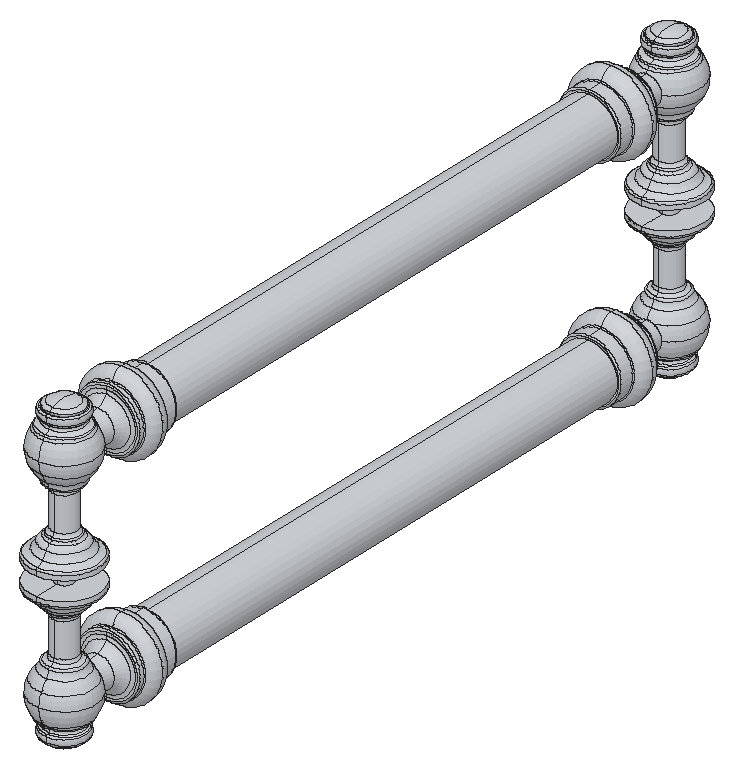
Revit family "Accessory-Handle-KOHLER-ARTIFACTS-K-701728", category Specialty Equipment, host Face, Revit 2017 (continued)
Definition of nested family "K-701728"
  Lines and regions (in)
    Masking region 2
      outline origin (0, 0, 0) x (1, 0, 0) y (0, 0, 1)
        loop
          arc (-0.6875, -0.2826) -> (-0.68007, -0.30479) -> (-0.66077, -0.31803) r 0.03685
          arc (-0.66077, -0.31803) -> (-0.59028, -0.34817) -> (-0.52952, -0.39492) r 0.30527
          arc (-0.52952, -0.39492) -> (-0.47892, -0.45647) -> (-0.4417, -0.52693) r 0.39504
          arc (-0.4417, -0.52693) -> (-0.40513, -0.58102) -> (-0.3497, -0.61554) r 0.15692
          arc (-0.3497, -0.61554) -> (-0.32338, -0.63434) -> (-0.31062, -0.66407) r 0.06006
          arc (-0.31062, -0.66407) -> (-0.30439, -0.68183) -> (-0.29161, -0.69564) r 0.0463
          arc (-0.29161, -0.69564) -> (-0.2593, -0.73297) -> (-0.24767, -0.78095) r 0.10478
          line (-0.24767, -0.78095) -> (-0.24767, -1.40985)
          arc (-0.24767, -1.40985) -> (-0.65632, -1.70556) -> (-0.8125, -2.1852) r 0.81458
          arc (-0.8125, -2.1852) -> (-0.71331, -2.57414) -> (-0.43996, -2.86806) r 0.81211
          arc (-0.43996, -2.86806) -> (-0.43712, -2.88381) -> (-0.43293, -2.89925) r 0.18626
          arc (-0.43293, -2.89925) -> (-0.42061, -2.91639) -> (-0.40053, -2.92295) r 0.034
          line (-0.40053, -2.92295) -> (-0.35447, -2.92295)
          arc (-0.35447, -2.92295) -> (-0.37093, -2.93283) -> (-0.36931, -2.95196) r 0.01814
          arc (-0.36931, -2.95196) -> (-0.33541, -2.98595) -> (-0.29334, -3.00907) r 0.16947
          arc (-0.29334, -3.00907) -> (-0.14908, -3.04903) -> (0, -3.0625) r 0.83188
          arc (0, -3.0625) -> (0.14908, -3.04903) -> (0.29334, -3.00907) r 0.83188
          arc (0.29334, -3.00907) -> (0.33541, -2.98595) -> (0.36931, -2.95196) r 0.16947
          arc (0.36931, -2.95196) -> (0.37093, -2.93283) -> (0.35447, -2.92295) r 0.01814
          line (0.35447, -2.92295) -> (0.40053, -2.92295)
          arc (0.40053, -2.92295) -> (0.42061, -2.91639) -> (0.43293, -2.89925) r 0.034
          arc (0.43293, -2.89925) -> (0.43712, -2.88381) -> (0.43996, -2.86806) r 0.18626
          arc (0.43996, -2.86806) -> (0.71331, -2.57414) -> (0.8125, -2.1852) r 0.81211
          arc (0.8125, -2.1852) -> (0.65632, -1.70556) -> (0.24767, -1.40985) r 0.81458
          line (0.24767, -1.40985) -> (0.24767, -0.78095)
          arc (0.24767, -0.78095) -> (0.2593, -0.73297) -> (0.29161, -0.69564) r 0.10478
          arc (0.29161, -0.69564) -> (0.30439, -0.68183) -> (0.31062, -0.66407) r 0.0463
          arc (0.31062, -0.66407) -> (0.32338, -0.63434) -> (0.3497, -0.61554) r 0.06006
          arc (0.3497, -0.61554) -> (0.40513, -0.58102) -> (0.4417, -0.52693) r 0.15692
          arc (0.4417, -0.52693) -> (0.47892, -0.45647) -> (0.52952, -0.39492) r 0.39504
          arc (0.52952, -0.39492) -> (0.59028, -0.34817) -> (0.66077, -0.31803) r 0.30527
          arc (0.66077, -0.31803) -> (0.68007, -0.30479) -> (0.6875, -0.2826) r 0.03685
          line (0.6875, -0.2826) -> (0.6875, -0.1875) -> (0.16707, -0.1875) -> (0.16707, -0.03937) -> (0.11577, -0.03937) -> (0.11577, 0.03937)
    Masking region 3
      outline origin (0, 0, 0) x (1, 0, 0) y (0, 1, 0)
        loop
          line (0.5625, 5.49778) -> (0.6059, 5.49778)
          arc (0.6059, 5.49778) -> (0.62273, 5.50475) -> (0.6297, 5.52158) r 0.0238
          line (0.6297, 5.52158) -> (0.6297, 5.79436)
          arc (0.6297, 5.79436) -> (0.63417, 5.80939) -> (0.64614, 5.81952) r 0.02748
          arc (0.64614, 5.81952) -> (0.76722, 5.92211) -> (0.8125, 6.07422) r 0.27815
          arc (0.8125, 6.07422) -> (0.76752, 6.2135) -> (0.64958, 6.30016) r 0.23812
          arc (0.64958, 6.30016) -> (0.63575, 6.31032) -> (0.63047, 6.32665) r 0.02792
          line (0.63047, 6.32665) -> (0.63047, 6.40871)
          arc (0.63047, 6.40871) -> (0.62283, 6.42716) -> (0.60439, 6.4348) r 0.02609
          line (0.60439, 6.4348) -> (0.54619, 6.4348)
          arc (0.54619, 6.4348) -> (0.50807, 6.44022) -> (0.47297, 6.45605) r 0.13679
          arc (0.47297, 6.45605) -> (0.37536, 6.54736) -> (0.3179, 6.66804) r 0.35911
          arc (0.3179, 6.66804) -> (0.29614, 6.7702) -> (0.28414, 6.87396) r 1.10425
          arc (0.28414, 6.87396) -> (0.67196, 7.64535) -> (0, 8.1875) r 0.6875
          arc (0, 8.1875) -> (-0.67196, 7.64535) -> (-0.28414, 6.87396) r 0.6875
          arc (-0.28414, 6.87396) -> (-0.29614, 6.7702) -> (-0.3179, 6.66804) r 1.10425
          arc (-0.3179, 6.66804) -> (-0.37536, 6.54736) -> (-0.47297, 6.45605) r 0.35911
          arc (-0.47297, 6.45605) -> (-0.50807, 6.44022) -> (-0.54619, 6.4348) r 0.13679
          line (-0.54619, 6.4348) -> (-0.60439, 6.4348)
          arc (-0.60439, 6.4348) -> (-0.62283, 6.42716) -> (-0.63047, 6.40871) r 0.02609
          line (-0.63047, 6.40871) -> (-0.63047, 6.32665)
          arc (-0.63047, 6.32665) -> (-0.63575, 6.31032) -> (-0.64958, 6.30016) r 0.02792
          arc (-0.64958, 6.30016) -> (-0.76752, 6.2135) -> (-0.8125, 6.07422) r 0.23812
          arc (-0.8125, 6.07422) -> (-0.76722, 5.92211) -> (-0.64614, 5.81952) r 0.27815
          arc (-0.64614, 5.81952) -> (-0.63417, 5.80939) -> (-0.6297, 5.79436) r 0.02748
          line (-0.6297, 5.79436) -> (-0.6297, 5.52158)
          arc (-0.6297, 5.52158) -> (-0.62273, 5.50475) -> (-0.6059, 5.49778) r 0.0238
          line (-0.6059, 5.49778) -> (-0.5625, 5.49778) -> (-0.5625, -5.49778) -> (-0.6059, -5.49778)
          arc (-0.6059, -5.49778) -> (-0.62273, -5.50475) -> (-0.6297, -5.52158) r 0.0238
          line (-0.6297, -5.52158) -> (-0.6297, -5.79436)
          arc (-0.6297, -5.79436) -> (-0.63417, -5.80939) -> (-0.64614, -5.81952) r 0.02748
          arc (-0.64614, -5.81952) -> (-0.76722, -5.92211) -> (-0.8125, -6.07422) r 0.27815
          arc (-0.8125, -6.07422) -> (-0.76752, -6.2135) -> (-0.64958, -6.30016) r 0.23812
          arc (-0.64958, -6.30016) -> (-0.63575, -6.31032) -> (-0.63047, -6.32665) r 0.02792
          line (-0.63047, -6.32665) -> (-0.63047, -6.40871)
          arc (-0.63047, -6.40871) -> (-0.62283, -6.42716) -> (-0.60439, -6.4348) r 0.02609
          line (-0.60439, -6.4348) -> (-0.54619, -6.4348)
          arc (-0.54619, -6.4348) -> (-0.50807, -6.44022) -> (-0.47297, -6.45605) r 0.13679
          arc (-0.47297, -6.45605) -> (-0.37536, -6.54736) -> (-0.3179, -6.66804) r 0.35911
          arc (-0.3179, -6.66804) -> (-0.29614, -6.7702) -> (-0.28414, -6.87396) r 1.10425
          arc (-0.28414, -6.87396) -> (-0.67196, -7.64535) -> (0, -8.1875) r 0.6875
          arc (0, -8.1875) -> (0.67196, -7.64535) -> (0.28414, -6.87396) r 0.6875
          arc (0.28414, -6.87396) -> (0.29614, -6.7702) -> (0.3179, -6.66804) r 1.10425
          arc (0.3179, -6.66804) -> (0.37536, -6.54736) -> (0.47297, -6.45605) r 0.35911
          arc (0.47297, -6.45605) -> (0.50807, -6.44022) -> (0.54619, -6.4348) r 0.13679
          line (0.54619, -6.4348) -> (0.60439, -6.4348)
          arc (0.60439, -6.4348) -> (0.62283, -6.42716) -> (0.63047, -6.40871) r 0.02609
          line (0.63047, -6.40871) -> (0.63047, -6.32665)
          arc (0.63047, -6.32665) -> (0.63575, -6.31032) -> (0.64958, -6.30016) r 0.02792
          arc (0.64958, -6.30016) -> (0.76752, -6.2135) -> (0.8125, -6.07422) r 0.23812
          arc (0.8125, -6.07422) -> (0.76722, -5.92211) -> (0.64614, -5.81952) r 0.27815
          arc (0.64614, -5.81952) -> (0.63417, -5.80939) -> (0.6297, -5.79436) r 0.02748
          line (0.6297, -5.79436) -> (0.6297, -5.52158)
          arc (0.6297, -5.52158) -> (0.62273, -5.50475) -> (0.6059, -5.49778) r 0.0238
          line (0.6059, -5.49778) -> (0.5625, -5.49778) -> (0.5625, 5.49778)
    symbolic lines, detail levels medium+fine
      curve 1: line (0, 7.61577, 0.03937) -> (0, 7.38423, 0.03937)
      curve 2: line (0, 7.66707, 0.1875) -> (0, 7.33293, 0.1875)
      curve 3: line (0, 8.1875, 0.2826) -> (0, 6.8125, 0.2826)
      curve 4: line (0, 8.16077, 0.31803) -> (0, 6.83923, 0.31803)
      curve 5: line (0, 7.8497, 0.61554) -> (0, 7.1503, 0.61554)
      curve 6: line (0, 7.79161, 0.69564) -> (0, 7.20839, 0.69564)
      curve 7: line (0, 7.74767, 0.78095) -> (0, 7.25233, 0.78095)
      curve 8: line (0, 7.74767, 1.45683) -> (0, 7.25233, 1.45683)
      curve 9: line (0, 6.94413, 2.4668) -> (0, 6.94413, 1.9036)
      curve 10: line (0, 7.84397, 1.58372) -> (0, 7.15603, 1.58372)
      curve 11: line (0, 7.87676, 1.6138) -> (0, 7.12324, 1.6138)
      curve 12: line (0, 7.93996, 1.74184) -> (0, 7.06004, 1.74184)
      curve 13: line (0, 7.99501, 2.57936) -> (0, 7.00499, 2.57936)
      curve 14: line (0, 7.97016, 2.60021) -> (0, 7.02984, 2.60021)
      curve 15: line (0, 7.87876, 2.72808) -> (0, 7.12124, 2.72808)
      curve 16: line (0, 7.85447, 2.92295) -> (0, 7.14553, 2.92295)
      curve 17: line (0, 6.4348, 2.73139) -> (0, 6.4348, 1.639)
      curve 18: line (0, 6.40871, 1.55473) -> (0, 6.40871, 2.81567)
      curve 19: line (0, 5.79436, 2.8149) -> (0, 5.79436, 1.5555)
      curve 20: line (0, 6.32665, 1.55473) -> (0, 6.32665, 2.81567)
      curve 21: line (0, 5.49778, 2.7477) -> (0, 5.49778, 1.6227)
      curve 22: line (0, 5.52158, 1.5555) -> (0, 5.52158, 2.8149)
      curve 23: line (0, 7.61577, -0.03937) -> (0, 7.38423, -0.03937)
      curve 24: line (0, 7.66707, -0.1875) -> (0, 7.33293, -0.1875)
      curve 25: line (0, 8.1875, -0.2826) -> (0, 6.8125, -0.2826)
      curve 26: line (0, 8.16077, -0.31803) -> (0, 6.83923, -0.31803)
      curve 27: line (0, 7.8497, -0.61554) -> (0, 7.1503, -0.61554)
      curve 28: line (0, 7.79161, -0.69564) -> (0, 7.20839, -0.69564)
      curve 29: line (0, 7.74767, -0.78095) -> (0, 7.25233, -0.78095)
      curve 30: line (0, 7.74767, -1.45683) -> (0, 7.25233, -1.45683)
      curve 31: line (0, 6.94413, -2.4668) -> (0, 6.94413, -1.9036)
      curve 32: line (0, 7.84397, -1.58372) -> (0, 7.15603, -1.58372)
      curve 33: line (0, 7.87676, -1.6138) -> (0, 7.12324, -1.6138)
      curve 34: line (0, 7.93996, -1.74184) -> (0, 7.06004, -1.74184)
      curve 35: line (0, 7.99501, -2.57936) -> (0, 7.00499, -2.57936)
      curve 36: line (0, 7.97016, -2.60021) -> (0, 7.02984, -2.60021)
      curve 37: line (0, 7.87876, -2.72808) -> (0, 7.12124, -2.72808)
      curve 38: line (0, 7.85447, -2.92295) -> (0, 7.14553, -2.92295)
      curve 39: line (0, 6.4348, -2.73139) -> (0, 6.4348, -1.639)
      curve 40: line (0, 6.40871, -1.55473) -> (0, 6.40871, -2.81567)
      curve 41: line (0, 5.79436, -2.8149) -> (0, 5.79436, -1.5555)
      curve 42: line (0, 6.32665, -1.55473) -> (0, 6.32665, -2.81567)
      curve 43: line (0, 5.49778, -2.7477) -> (0, 5.49778, -1.6227)
      curve 44: line (0, 5.52158, -1.5555) -> (0, 5.52158, -2.8149)
      curve 45: line (0, -7.61577, 0.03937) -> (0, -7.38423, 0.03937)
      curve 46: line (0, -7.66707, 0.1875) -> (0, -7.33293, 0.1875)
      curve 47: line (0, -8.1875, 0.2826) -> (0, -6.8125, 0.2826)
      curve 48: line (0, -8.16077, 0.31803) -> (0, -6.83923, 0.31803)
      curve 49: line (0, -7.8497, 0.61554) -> (0, -7.1503, 0.61554)
      curve 50: line (0, -7.79161, 0.69564) -> (0, -7.20839, 0.69564)
      curve 51: line (0, -7.74767, 0.78095) -> (0, -7.25233, 0.78095)
      curve 52: line (0, -7.74767, 1.45683) -> (0, -7.25233, 1.45683)
      curve 53: line (0, -6.94413, 2.4668) -> (0, -6.94413, 1.9036)
      curve 54: line (0, -7.84397, 1.58372) -> (0, -7.15603, 1.58372)
      curve 55: line (0, -7.87676, 1.6138) -> (0, -7.12324, 1.6138)
      curve 56: line (0, -7.93996, 1.74184) -> (0, -7.06004, 1.74184)
      curve 57: line (0, -7.99501, 2.57936) -> (0, -7.00499, 2.57936)
      curve 58: line (0, -7.97016, 2.60021) -> (0, -7.02984, 2.60021)
      curve 59: line (0, -7.87876, 2.72808) -> (0, -7.12124, 2.72808)
      curve 60: line (0, -7.85447, 2.92295) -> (0, -7.14553, 2.92295)
      curve 61: line (0, -6.4348, 2.73139) -> (0, -6.4348, 1.639)
      curve 62: line (0, -6.40871, 1.55473) -> (0, -6.40871, 2.81567)
      curve 63: line (0, -5.79436, 2.8149) -> (0, -5.79436, 1.5555)
      curve 64: line (0, -6.32665, 1.55473) -> (0, -6.32665, 2.81567)
      curve 65: line (0, -5.49778, 2.7477) -> (0, -5.49778, 1.6227)
      curve 66: line (0, -5.52158, 1.5555) -> (0, -5.52158, 2.8149)
      curve 67: line (0, -7.61577, -0.03937) -> (0, -7.38423, -0.03937)
      curve 68: line (0, -7.66707, -0.1875) -> (0, -7.33293, -0.1875)
      curve 69: line (0, -8.1875, -0.2826) -> (0, -6.8125, -0.2826)
      curve 70: line (0, -8.16077, -0.31803) -> (0, -6.83923, -0.31803)
      curve 71: line (0, -7.8497, -0.61554) -> (0, -7.1503, -0.61554)
      curve 72: line (0, -7.79161, -0.69564) -> (0, -7.20839, -0.69564)
      curve 73: line (0, -7.74767, -0.78095) -> (0, -7.25233, -0.78095)
      curve 74: line (0, -7.74767, -1.45683) -> (0, -7.25233, -1.45683)
      curve 75: line (0, -6.94413, -2.4668) -> (0, -6.94413, -1.9036)
      curve 76: line (0, -7.84397, -1.58372) -> (0, -7.15603, -1.58372)
      curve 77: line (0, -7.87676, -1.6138) -> (0, -7.12324, -1.6138)
      curve 78: line (0, -7.93996, -1.74184) -> (0, -7.06004, -1.74184)
      curve 79: line (0, -7.99501, -2.57936) -> (0, -7.00499, -2.57936)
      curve 80: line (0, -7.97016, -2.60021) -> (0, -7.02984, -2.60021)
      curve 81: line (0, -7.87876, -2.72808) -> (0, -7.12124, -2.72808)
      curve 82: line (0, -7.85447, -2.92295) -> (0, -7.14553, -2.92295)
      curve 83: line (0, -6.4348, -2.73139) -> (0, -6.4348, -1.639)
      curve 84: line (0, -6.40871, -1.55473) -> (0, -6.40871, -2.81567)
      curve 85: line (0, -5.79436, -2.8149) -> (0, -5.79436, -1.5555)
      curve 86: line (0, -6.32665, -1.55473) -> (0, -6.32665, -2.81567)
      curve 87: line (0, -5.49778, -2.7477) -> (0, -5.49778, -1.6227)
      curve 88: line (0, -5.52158, -1.5555) -> (0, -5.52158, -2.8149)
      curve 89: line (0.24767, 0, 1.40985) -> (0.24767, 0, 1.44843)
      curve 90: arc (0.24767, 0, 1.44843) -> (0.24905, 0, 1.47362) -> (0.25315, 0, 1.49852) r 0.23178
      curve 91: arc (0.25315, 0, 1.49852) -> (0.27674, 0, 1.54655) -> (0.31976, 0, 1.57836) r 0.11314
      curve 92: arc (0.31976, 0, 1.57836) -> (0.33218, 0, 1.58262) -> (0.34506, 0, 1.58516) r 0.09699
      curve 93: arc (0.37654, 0, 1.61545) -> (0.39601, 0, 1.67754) -> (0.43169, 0, 1.73194) r 0.23599
      curve 94: arc (0.34506, 0, 1.58516) -> (0.36581, 0, 1.5951) -> (0.37654, 0, 1.61545) r 0.03663
      curve 95: arc (0.43169, 0, 1.73194) -> (0.5003, 0, 1.82021) -> (0.55821, 0, 1.91584) r 0.96253
      curve 96: arc (0.55821, 0, 1.91584) -> (0.57955, 0, 1.9622) -> (0.59566, 0, 2.01063) r 0.46377
      curve 97: arc (0.59566, 0, 2.01063) -> (0.61405, 0, 2.09715) -> (0.6225, 0, 2.1852) r 0.77888
      curve 98: arc (0.6225, 0, 2.1852) -> (0.61702, 0, 2.28356) -> (0.59314, 0, 2.37913) r 0.52143
      curve 99: arc (0.59314, 0, 2.37913) -> (0.55637, 0, 2.46738) -> (0.51008, 0, 2.55103) r 0.86481
      curve 100: arc (0.43996, 0, 2.86806) -> (0.4408, 0, 2.82609) -> (0.43268, 0, 2.7849) r 0.1961
      curve 101: arc (0.43268, 0, 2.7849) -> (0.42653, 0, 2.77197) -> (0.41698, 0, 2.76129) r 0.05037
      curve 102: arc (0.40524, 0, 2.6299) -> (0.37421, 0, 2.6656) -> (0.37173, 0, 2.71284) r 0.07264
      curve 103: arc (0.37173, 0, 2.71284) -> (0.38853, 0, 2.7425) -> (0.41698, 0, 2.76129) r 0.07293
      curve 104: arc (0.47964, 0, 2.60069) -> (0.44135, 0, 2.61251) -> (0.40524, 0, 2.6299) r 0.26849
      curve 105: arc (0.51008, 0, 2.55103) -> (0.50352, 0, 2.56438) -> (0.49986, 0, 2.57879) r 0.07169
      curve 106: arc (0.49986, 0, 2.57879) -> (0.49314, 0, 2.59287) -> (0.47964, 0, 2.60069) r 0.02638
      curve 107: line (-0.24767, 0, 1.40985) -> (-0.24767, 0, 1.44843)
      curve 108: arc (-0.24767, 0, 1.44843) -> (-0.24905, 0, 1.47362) -> (-0.25315, 0, 1.49852) r 0.23178
      curve 109: arc (-0.25315, 0, 1.49852) -> (-0.27674, 0, 1.54655) -> (-0.31976, 0, 1.57836) r 0.11314
      curve 110: arc (-0.37654, 0, 1.61545) -> (-0.39601, 0, 1.67754) -> (-0.43169, 0, 1.73194) r 0.23599
      curve 111: arc (-0.34506, 0, 1.58516) -> (-0.36581, 0, 1.5951) -> (-0.37654, 0, 1.61545) r 0.03663
      curve 112: arc (-0.43169, 0, 1.73194) -> (-0.5003, 0, 1.82021) -> (-0.55821, 0, 1.91584) r 0.96253
      curve 113: arc (-0.55821, 0, 1.91584) -> (-0.57955, 0, 1.9622) -> (-0.59566, 0, 2.01063) r 0.46377
      curve 114: arc (-0.59566, 0, 2.01063) -> (-0.61405, 0, 2.09715) -> (-0.6225, 0, 2.1852) r 0.77888
      curve 115: arc (-0.6225, 0, 2.1852) -> (-0.61702, 0, 2.28356) -> (-0.59314, 0, 2.37913) r 0.52143
      curve 116: arc (-0.59314, 0, 2.37913) -> (-0.55637, 0, 2.46738) -> (-0.51008, 0, 2.55103) r 0.86481
      curve 117: arc (-0.43996, 0, 2.86806) -> (-0.4408, 0, 2.82609) -> (-0.43268, 0, 2.7849) r 0.1961
      curve 118: arc (-0.40524, 0, 2.6299) -> (-0.37421, 0, 2.6656) -> (-0.37173, 0, 2.71284) r 0.07264
      curve 119: arc (-0.37173, 0, 2.71284) -> (-0.38853, 0, 2.7425) -> (-0.41698, 0, 2.76129) r 0.07293
      curve 120: arc (-0.47964, 0, 2.60069) -> (-0.44135, 0, 2.61251) -> (-0.40524, 0, 2.6299) r 0.26849
      curve 121: arc (-0.49986, 0, 2.57879) -> (-0.49314, 0, 2.59287) -> (-0.47964, 0, 2.60069) r 0.02638
      curve 122: arc (-0.31976, 0, 1.57836) -> (-0.33218, 0, 1.58262) -> (-0.34506, 0, 1.58516) r 0.09699
      curve 123: arc (-0.51008, 0, 2.55103) -> (-0.50352, 0, 2.56438) -> (-0.49986, 0, 2.57879) r 0.07169
      curve 124: arc (-0.41698, 0, 2.76129) -> (-0.42871, 0, 2.77051) -> (-0.43268, 0, 2.7849) r 0.02387
      curve 125: line (0.11577, 0, 0.03937) -> (-0.11577, 0, 0.03937)
      curve 126: line (0.16707, 0, 0.1875) -> (-0.16707, 0, 0.1875)
      curve 127: line (0.6875, 0, 0.2826) -> (-0.6875, 0, 0.2826)
      curve 128: line (-0.66077, 0, 0.31803) -> (0.66077, 0, 0.31803)
      curve 129: line (0.3497, 0, 0.61554) -> (-0.3497, 0, 0.61554)
      curve 130: line (-0.29161, 0, 0.69564) -> (0.29161, 0, 0.69564)
      curve 131: line (0.24767, 0, 0.78095) -> (-0.24767, 0, 0.78095)
      curve 132: line (0.24767, 0, 1.42914) -> (-0.24767, 0, 1.42914)
      curve 133: line (0.34506, 0, 1.58516) -> (-0.34506, 0, 1.58516)
      curve 134: line (0.37654, 0, 1.61545) -> (-0.37654, 0, 1.61545)
      curve 135: line (0.43169, 0, 1.73194) -> (-0.43169, 0, 1.73194)
      curve 136: line (0.47964, 0, 2.60069) -> (-0.47964, 0, 2.60069)
      curve 137: line (0.49986, 0, 2.57879) -> (-0.49986, 0, 2.57879)
      curve 138: line (0.41698, 0, 2.76129) -> (-0.41698, 0, 2.76129)
      curve 139: line (0.35447, 0, 2.92295) -> (-0.35447, 0, 2.92295)
      curve 140: arc (0.41423, 0, 1.70937) -> (0.62752, 0, 2.12024) -> (0.50292, 0, 2.56609) r 0.63088
      curve 141: arc (0.47342, 0, 2.60219) -> (0.42388, 0, 2.65246) -> (0.36903, 0, 2.69688) r 0.63088
      curve 142: arc (-0.36903, 0, 2.69688) -> (-0.42388, 0, 2.65246) -> (-0.47342, 0, 2.60219) r 0.63088
      curve 143: arc (-0.50292, 0, 2.56609) -> (-0.62752, 0, 2.12024) -> (-0.41423, 0, 1.70937) r 0.63088
      curve 144: line (0.24767, 0, -1.40985) -> (0.24767, 0, -1.44843)
      curve 145: arc (0.24767, 0, -1.44843) -> (0.24905, 0, -1.47362) -> (0.25315, 0, -1.49852) r 0.23178
      curve 146: arc (0.25315, 0, -1.49852) -> (0.27674, 0, -1.54655) -> (0.31976, 0, -1.57836) r 0.11314
      curve 147: arc (0.37654, 0, -1.61545) -> (0.39601, 0, -1.67754) -> (0.43169, 0, -1.73194) r 0.23599
      curve 148: arc (0.34506, 0, -1.58516) -> (0.36581, 0, -1.5951) -> (0.37654, 0, -1.61545) r 0.03663
      curve 149: arc (0.43169, 0, -1.73194) -> (0.5003, 0, -1.82021) -> (0.55821, 0, -1.91584) r 0.96253
      curve 150: arc (0.55821, 0, -1.91584) -> (0.57955, 0, -1.9622) -> (0.59566, 0, -2.01063) r 0.46377
      curve 151: arc (0.59566, 0, -2.01063) -> (0.61405, 0, -2.09715) -> (0.6225, 0, -2.1852) r 0.77888
      curve 152: arc (0.6225, 0, -2.1852) -> (0.61702, 0, -2.28356) -> (0.59314, 0, -2.37913) r 0.52143
      curve 153: arc (0.59314, 0, -2.37913) -> (0.55637, 0, -2.46738) -> (0.51008, 0, -2.55103) r 0.86481
      curve 154: arc (0.43996, 0, -2.86806) -> (0.4408, 0, -2.82609) -> (0.43268, 0, -2.7849) r 0.1961
      curve 155: arc (0.40524, 0, -2.6299) -> (0.37421, 0, -2.6656) -> (0.37173, 0, -2.71284) r 0.07264
      curve 156: arc (0.37173, 0, -2.71284) -> (0.38853, 0, -2.7425) -> (0.41698, 0, -2.76129) r 0.07293
      curve 157: arc (0.47964, 0, -2.60069) -> (0.44135, 0, -2.61251) -> (0.40524, 0, -2.6299) r 0.26849
      curve 158: arc (0.49986, 0, -2.57879) -> (0.49314, 0, -2.59287) -> (0.47964, 0, -2.60069) r 0.02638
      curve 159: line (-0.24767, 0, -1.40985) -> (-0.24767, 0, -1.44843)
      curve 160: arc (-0.24767, 0, -1.44843) -> (-0.24905, 0, -1.47362) -> (-0.25315, 0, -1.49852) r 0.23178
      curve 161: arc (-0.25315, 0, -1.49852) -> (-0.27674, 0, -1.54655) -> (-0.31976, 0, -1.57836) r 0.11314
      curve 162: arc (-0.37654, 0, -1.61545) -> (-0.39601, 0, -1.67754) -> (-0.43169, 0, -1.73194) r 0.23599
      curve 163: arc (-0.34506, 0, -1.58516) -> (-0.36581, 0, -1.5951) -> (-0.37654, 0, -1.61545) r 0.03663
      curve 164: arc (-0.43169, 0, -1.73194) -> (-0.5003, 0, -1.82021) -> (-0.55821, 0, -1.91584) r 0.96253
      curve 165: arc (-0.55821, 0, -1.91584) -> (-0.57955, 0, -1.9622) -> (-0.59566, 0, -2.01063) r 0.46377
      curve 166: arc (-0.59566, 0, -2.01063) -> (-0.61405, 0, -2.09715) -> (-0.6225, 0, -2.1852) r 0.77888
      curve 167: arc (-0.6225, 0, -2.1852) -> (-0.61702, 0, -2.28356) -> (-0.59314, 0, -2.37913) r 0.52143
      curve 168: arc (-0.59314, 0, -2.37913) -> (-0.55637, 0, -2.46738) -> (-0.51008, 0, -2.55103) r 0.86481
      curve 169: arc (-0.43996, 0, -2.86806) -> (-0.4408, 0, -2.82609) -> (-0.43268, 0, -2.7849) r 0.1961
      curve 170: arc (-0.40524, 0, -2.6299) -> (-0.37421, 0, -2.6656) -> (-0.37173, 0, -2.71284) r 0.07264
      curve 171: arc (-0.37173, 0, -2.71284) -> (-0.38853, 0, -2.7425) -> (-0.41698, 0, -2.76129) r 0.07293
      curve 172: arc (-0.47964, 0, -2.60069) -> (-0.44135, 0, -2.61251) -> (-0.40524, 0, -2.6299) r 0.26849
      curve 173: arc (-0.49986, 0, -2.57879) -> (-0.49314, 0, -2.59287) -> (-0.47964, 0, -2.60069) r 0.02638
      curve 174: line (0.11577, 0, -0.03937) -> (-0.11577, 0, -0.03937)
      curve 175: line (0.16707, 0, -0.1875) -> (-0.16707, 0, -0.1875)
      curve 176: line (0.6875, 0, -0.2826) -> (-0.6875, 0, -0.2826)
      curve 177: line (-0.66077, 0, -0.31803) -> (0.66077, 0, -0.31803)
      curve 178: line (0.3497, 0, -0.61554) -> (-0.3497, 0, -0.61554)
      curve 179: line (-0.29161, 0, -0.69564) -> (0.29161, 0, -0.69564)
      curve 180: line (0.24767, 0, -0.78095) -> (-0.24767, 0, -0.78095)
      curve 181: line (0.24767, 0, -1.42914) -> (-0.24767, 0, -1.42914)
      curve 182: line (0.34506, 0, -1.58516) -> (-0.34506, 0, -1.58516)
      curve 183: line (0.37654, 0, -1.61545) -> (-0.37654, 0, -1.61545)
      curve 184: line (0.43169, 0, -1.73194) -> (-0.43169, 0, -1.73194)
      curve 185: line (0.47964, 0, -2.60069) -> (-0.47964, 0, -2.60069)
      curve 186: line (0.49986, 0, -2.57879) -> (-0.49986, 0, -2.57879)
      curve 187: line (0.41698, 0, -2.76129) -> (-0.41698, 0, -2.76129)
      curve 188: line (0.35447, 0, -2.92295) -> (-0.35447, 0, -2.92295)
      curve 189: arc (0.41423, 0, -1.70937) -> (0.62752, 0, -2.12024) -> (0.50292, 0, -2.56609) r 0.63088
      curve 190: arc (0.47342, 0, -2.60219) -> (0.42388, 0, -2.65246) -> (0.36903, 0, -2.69688) r 0.63088
      curve 191: arc (-0.36903, 0, -2.69688) -> (-0.42388, 0, -2.65246) -> (-0.47342, 0, -2.60219) r 0.63088
      curve 192: arc (-0.50292, 0, -2.56609) -> (-0.62752, 0, -2.12024) -> (-0.41423, 0, -1.70937) r 0.63088
      curve 193: arc (0.43268, 0, -2.7849) -> (0.42653, 0, -2.77197) -> (0.41698, 0, -2.76129) r 0.05037
      curve 194: arc (0.51008, 0, -2.55103) -> (0.50352, 0, -2.56438) -> (0.49986, 0, -2.57879) r 0.07169
      curve 195: arc (0.31976, 0, -1.57836) -> (0.33218, 0, -1.58262) -> (0.34506, 0, -1.58516) r 0.09699
      curve 196: arc (-0.31976, 0, -1.57836) -> (-0.33218, 0, -1.58262) -> (-0.34506, 0, -1.58516) r 0.09699
      curve 197: arc (-0.51008, 0, -2.55103) -> (-0.50352, 0, -2.56438) -> (-0.49986, 0, -2.57879) r 0.07169
      curve 198: arc (-0.43268, 0, -2.7849) -> (-0.42653, 0, -2.77197) -> (-0.41698, 0, -2.76129) r 0.05037
      curve 199: line (-0.5625, 5.49778, 0) -> (0.5625, 5.49778, 0)
      curve 200: line (0.6297, 5.52158, 0) -> (-0.6297, 5.52158, 0)
      curve 201: line (-0.6297, 5.79436, 0) -> (0.6297, 5.79436, 0)
      curve 202: line (-0.63047, 6.32665, 0) -> (0.63047, 6.32665, 0)
      curve 203: line (-0.54619, 6.4348, 0) -> (0.54619, 6.4348, 0)
      curve 204: line (0.63047, 6.40871, 0) -> (-0.63047, 6.40871, 0)
      curve 205: circle (0, 7.5, 0) r 0.5 normal (0, 0, 1)
      curve 206: circle (0, 7.5, 0) r 0.4437 normal (0, 0, 1)
      curve 207: circle (0, 7.5, 0) r 0.37246 normal (0, 0, 1)
      curve 208: circle (0, 7.5, 0) r 0.47016 normal (0, 0, 1)
      curve 209: arc (-0.28414, 6.87396, 0) -> (-0.28208, 6.9098, 0) -> (-0.28154, 6.94569, 0) r 0.84749
      curve 210: line (-0.28154, 6.94569, 0) -> (0.28154, 6.94569, 0)
      curve 211: arc (0.28414, 6.87396, 0) -> (0.28208, 6.9098, 0) -> (0.28154, 6.94569, 0) r 0.84749
      curve 212: arc (0.28154, 6.94569, 0) -> (0, 8.12171, 0) -> (-0.28154, 6.94569, 0) r 0.62171
      curve 213: line (-0.5625, -5.49778, 0) -> (0.5625, -5.49778, 0)
      curve 214: line (0.6297, -5.52158, 0) -> (-0.6297, -5.52158, 0)
      curve 215: line (-0.6297, -5.79436, 0) -> (0.6297, -5.79436, 0)
      curve 216: line (-0.63047, -6.32665, 0) -> (0.63047, -6.32665, 0)
      curve 217: line (-0.54619, -6.4348, 0) -> (0.54619, -6.4348, 0)
      curve 218: line (0.63047, -6.40871, 0) -> (-0.63047, -6.40871, 0)
      curve 219: circle (0, -7.5, 0) r 0.5 normal (0, 0, -1)
      curve 220: circle (0, -7.5, 0) r 0.4437 normal (0, 0, -1)
      curve 221: circle (0, -7.5, 0) r 0.37246 normal (0, 0, -1)
      curve 222: circle (0, -7.5, 0) r 0.47016 normal (0, 0, -1)
      curve 223: arc (-0.28414, -6.87396, 0) -> (-0.28208, -6.9098, 0) -> (-0.28154, -6.94569, 0) r 0.84749
      curve 224: line (-0.28154, -6.94569, 0) -> (0.28154, -6.94569, 0)
      curve 225: arc (0.28414, -6.87396, 0) -> (0.28208, -6.9098, 0) -> (0.28154, -6.94569, 0) r 0.84749
      curve 226: arc (0.28154, -6.94569, 0) -> (0, -8.12171, 0) -> (-0.28154, -6.94569, 0) r 0.62171
  Dimensions and locks (in)
    plane 1 "Center (Front/Back)" to plane 4 = 7 1/2"
    plane 8 to plane 9 = 1 5/8"
    plane 13 to level = 3/16"
    plane 16 to plane 13 = 2 7/8"
    plane 16 to plane 19 = 6 1/8"
    plane 6 to plane 7 = 16 3/8"
    aligned and locked: plane 2 to level
Types (5): name | Type | Model | Finish
  (no name) | 1 | "K-701728-CP" | Kohler-Metal-CP-Polished_Chrome
  CP-Polished Chrome | 1 | "K-701728-CP" | Kohler-Metal-CP-Polished_Chrome
  BN-Vibrant Brushed Nickel | 2 | "K-701728-BN" | Kohler-Metal-BN-Vibrant_Brushed_Nickel
  SN-Vibrant Polished Nickel | 3 | "K-701728-SN" | Kohler-Metal-SN-Vibrant_Polished_Nickel
  2BZ-Oil Rubbed Bronze | 4 | "K-701728-2BZ" | Kohler-Metal-2BZ-Oil_Rubbed_Bronze
